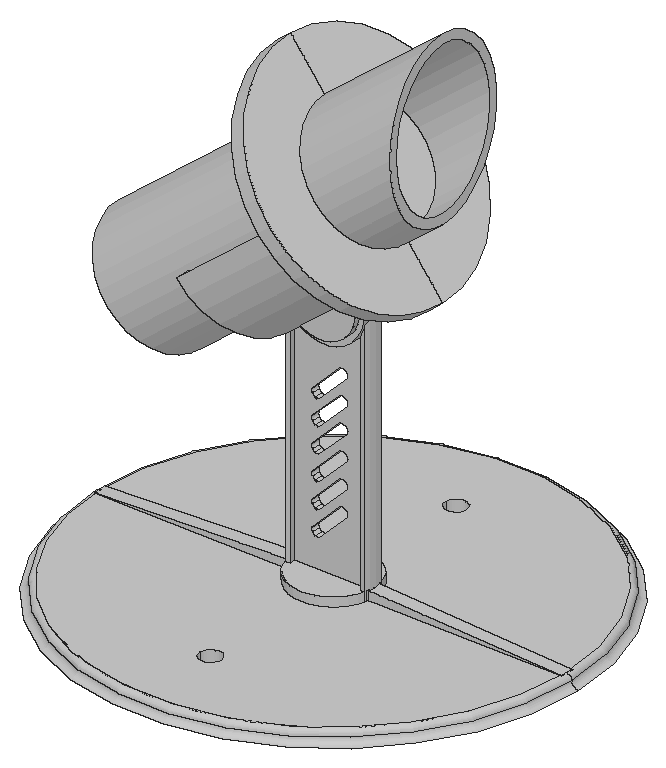
Revit family "SMALL UNDERWATER_LKPB0158WW.45", category Luminarias, Revit 2019
Family settings
  Cota de conector redondo = Diámetro de uso
  Tipo de pieza = Normal
  Se basa en plano de trabajo = Sí
  Siempre vertical = No
  Corte con vacíos al cargar = No
  Origen de luz = Sí
  Compartido = No
  Punto de cálculo de habitación = No
Parameters (values of type "SUB_LKPB0158WW.45")
  Ángulo de inclinación = 60.00°
  Zone [instance] = ""
  Watt per fixture = 2.6
  Wattage = 2.6 W
  built-in parameter 1150107 = 3000 (stored number, unit not read)
  built-in parameter 1150110 = 1 (stored number, unit not read)
  built-in parameter 1150109 = 1 (stored number, unit not read)
  built-in parameter 1150112 = 1 (stored number, unit not read)
  built-in parameter 1150113 = 1 (stored number, unit not read)
  built-in parameter 1114218 = 1 (stored number, unit not read)
  Keynote = ""
  built-in parameter 1150142 = "IESNA:LM-63-1995\r\n[TEST] SMALL UNDERWATER\r\n[DATE] 2016/12/13\r\n[MANUFAC] BRILLANTE ILUMINACION\r\n[LUMCAT] SMALL UNDERWATER\r\n[LUMINAIRE] LKPB0158WW\r\n[LAMPCAT] SMALL UNDERWATER\r\n[LAMP] SMALL UNDERWATER 3000°K 45°\r\nTILT=NONE\r\n0 -1 1.0 19 9 1 2 0.000 0.000 0.000\r\n1 1 2.7\r\n0.0 5.0 10.0 15.0 20.0 25.0 30.0 35.0 40.0 45.0 50.0 55.0 60.0 65.0 70.0 75.0 80.0 85.0 90.0\r\n0.0 45.0 90.0 135.0 180.0 225.0 270.0 315.0 360.0 \r\n179.635 176.358 162.634 140.820 115.523 87.564 54.792 31.441 20.483 14.133 10.037 6.964 4.916 3.482 2.560 1.741 0.922 0.512 0.205\r\n180.966 174.105 158.947 135.494 108.969 75.275 40.146 24.887 16.694 11.778 8.296 5.735 3.994 2.970 2.151 1.331 0.614 0.307 0.205\r\n179.942 171.339 151.881 122.385 70.051 34.514 18.947 13.519 9.934 7.067 4.813 3.482 2.458 1.639 0.819 0.410 0.205 0.102 0.102\r\n181.069 176.972 155.875 113.168 47.930 18.742 11.368 9.217 6.759 4.506 3.277 2.458 1.331 0.410 0.102 0.102 0.102 0.102 0.102\r\n179.635 182.503 167.038 127.506 53.768 17.206 8.500 6.964 5.018 3.585 2.765 2.151 0.717 0.102 0.102 0.000 0.102 0.102 0.102\r\n180.966 183.834 169.291 140.001 68.208 27.754 13.928 11.061 7.783 4.609 3.277 2.560 1.536 0.512 0.102 0.102 0.102 0.102 0.102\r\n179.942 183.219 173.695 150.549 119.518 67.491 35.026 18.435 12.904 9.217 6.350 4.301 3.175 2.253 1.229 0.614 0.307 0.102 0.102\r\n181.069 181.581 171.442 148.501 122.897 93.504 54.382 31.441 19.766 13.826 9.627 6.657 4.609 3.277 2.356 1.536 0.819 0.410 0.205\r\n179.635 176.358 162.634 140.820 115.523 87.564 54.792 31.441 20.483 14.133 10.037 6.964 4.916 3.482 2.560 1.741 0.922 0.512 0.205\r\n"
  built-in parameter 1150137 = (empty or 0)
  built-in parameter 1150132 = (empty or 0)
  Modelo = "LKPB0158WW.45"
  Lámpara = "OSRAM"
  Longitud [instance] = 1000 mm
  built-in parameter 1150105 = 12 (stored number, unit not read)
  built-in parameter 1150102 = (empty or 0)
  built-in parameter 1150106 = 0.12 (stored number, unit not read)
  Lumens = 150.8 lm
  Color Filter = 16777215
  built-in parameter 1114217 = 1 (stored number, unit not read)
  built-in parameter 1150139 = (empty or 0)
  Fabricante = "BRILLANT"
  Default Elevation = 0 mm
  built-in parameter 1150104 = 5.3884 (stored number, unit not read)
  Descripción = "LUMINARIA SUB ACUATICA TIPO PUNTUAL, ACABADO EN ACERO INOXIDABLE, CUPERO MOLDEADO EN CROMO, SELLO DE SILICON, VIDRIO TEMPLADO DE 7MM, 1 LED TIPO OSRAM CON UN CONSUMO TOTAL DE 2.6W, 139 LUMENES CON  UNA TEMPERATURA EN BLANCO CALIDO 3000K, IP 68, IK 06, SUMERGIBLE MAXIMO 2M, CABLE H07RN DE 3M, APERTURA A 45 GRADOS, ALIMENTADA A 24V. REQUIERE ACCESORIOS."
  built-in parameter 1150115 = 1 (stored number, unit not read)
  built-in parameter 1150114 = 1 (stored number, unit not read)
  Comentarios de vataje = "24V"
  built-in parameter 1150138 = (empty or 0)
  built-in parameter 1150134 = (empty or 0)
  Circuit [instance] = ""
  Dimming Lamp Color Temperature Shift = (empty or 0)
  Archivo de red fotométrica = "SMALL UNDERWATER_LKPB0158WW 45°.IES"
  built-in parameter 1150133 = 10 (stored number, unit not read)
Reference planes
  plane 1 "Centro (Frontal/Posterior)": y = 0
  plane 2: z = 0
  plane 3 "Centro (Izquierda/Derecha)": x = 0
  plane 4: z = 132
  plane 5: z = 3
  plane 6: x = -653.678
  plane 7: x = 600
  plane 8 "inclinado": through (-18.314, -1524, 86.57) normal (0.7771, 0, 0.6293)
Forms (mm)
  Revolve 1, solid, material "Acero Inoxidable"
    sketch origin (0, 0, 0) x (1, 0, 0) y (0, 0, 1)
      loop
        arc (60, 0) -> (58.861, 0.472) -> (58.389, 1.611) r 1.611
        arc (58.389, 1.611) -> (57.982, 2.593) -> (57, 3) r 1.389
        line (57, 3) -> (0, 3) -> (0, 0) -> (60, 0)
      axis (0, 3) -> (0, 0)
    angle from 0 to 360
  Extrusion 2, solid, material "Acero Inoxidable"
    sketch origin (0, 0, 0) x (1, 0, 0) y (0, 1, 0)
      loop
        circle (0, 0) r 10
    from 3 to 5.134
  Extrusion 3, solid, material "Acero Inoxidable"
    sketch origin (0, 0, 0) x (1, 0, 0) y (0, 0, 1)
      loop
        line (-10, 5.134) -> (-57.216, 3) -> (-10, 3) -> (-10, 5.134)
      loop
        line (10, 5.134) -> (10, 3) -> (57.216, 3) -> (10, 5.134)
    from -1.668 to 1.605
  Extrusion 4, void
    sketch origin (0, 0, 0) x (1, 0, 0) y (0, 1, 0)
      loop
        circle (0, 37.605) r 2.589
      loop
        circle (0, -37.605) r 2.589
    from 0 to 3
  Extrusion 5, solid, material "Acero Inoxidable"
    sketch origin (0, 0, 0) x (1, 0, 0) y (0, 1, 0)
      loop
        arc (-9.664, 2.571) -> (-10, 0) -> (-9.664, -2.571) r 10
        line (-9.664, -2.571) -> (-8.527, -2.387)
        arc (-8.527, -2.387) -> (-8.69, -1.699) -> (-8.798, -1) r 8.855
        line (-8.798, -1) -> (8.798, -1)
        arc (8.798, -1) -> (8.69, -1.699) -> (8.527, -2.387) r 8.855
        line (8.527, -2.387) -> (9.664, -2.571)
        arc (9.664, -2.571) -> (10, 0) -> (9.664, 2.571) r 10
        line (9.664, 2.571) -> (8.527, 2.387)
        arc (8.527, 2.387) -> (8.69, 1.699) -> (8.798, 1) r 8.855
        line (8.798, 1) -> (-8.798, 1)
        arc (-8.798, 1) -> (-8.69, 1.699) -> (-8.527, 2.387) r 8.855
        line (-8.527, 2.387) -> (-9.664, 2.571)
    from 3 to 66.238
  Extrusion 6, void
    sketch origin (0, 0, 0) x (1, 0, 0) y (0, 0, 1)
      loop
        arc (-4.236, 44.448) -> (-4.479, 43.861) -> (-4.236, 43.274) r 0.831
        line (-4.236, 43.274) -> (-3.616, 42.653)
        arc (-3.616, 42.653) -> (-3.028, 42.41) -> (-2.441, 42.653) r 0.831
        line (-2.441, 42.653) -> (4.236, 49.33)
        arc (4.236, 49.33) -> (4.479, 49.917) -> (4.236, 50.505) r 0.831
        line (4.236, 50.505) -> (3.616, 51.125)
        arc (3.616, 51.125) -> (3.028, 51.368) -> (2.441, 51.125) r 0.831
        line (2.441, 51.125) -> (-4.236, 44.448)
      loop
        arc (-4.236, 38.355) -> (-4.479, 37.768) -> (-4.236, 37.18) r 0.831
        line (-4.236, 37.18) -> (-3.616, 36.56)
        arc (-3.616, 36.56) -> (-3.028, 36.317) -> (-2.441, 36.56) r 0.831
        line (-2.441, 36.56) -> (4.236, 43.237)
        arc (4.236, 43.237) -> (4.479, 43.824) -> (4.236, 44.411) r 0.831
        line (4.236, 44.411) -> (3.616, 45.032)
        arc (3.616, 45.032) -> (3.028, 45.275) -> (2.441, 45.032) r 0.831
        line (2.441, 45.032) -> (-4.236, 38.355)
      loop
        arc (-4.236, 32.262) -> (-4.479, 31.674) -> (-4.236, 31.087) r 0.831
        line (-4.236, 31.087) -> (-3.616, 30.467)
        arc (-3.616, 30.467) -> (-3.028, 30.223) -> (-2.441, 30.467) r 0.831
        line (-2.441, 30.467) -> (4.236, 37.143)
        arc (4.236, 37.143) -> (4.479, 37.731) -> (4.236, 38.318) r 0.831
        line (4.236, 38.318) -> (3.616, 38.939)
        arc (3.616, 38.939) -> (3.028, 39.182) -> (2.441, 38.939) r 0.831
        line (2.441, 38.939) -> (-4.236, 32.262)
      loop
        arc (-4.236, 26.169) -> (-4.479, 25.581) -> (-4.236, 24.994) r 0.831
        line (-4.236, 24.994) -> (-3.616, 24.373)
        arc (-3.616, 24.373) -> (-3.028, 24.13) -> (-2.441, 24.373) r 0.831
        line (-2.441, 24.373) -> (4.236, 31.05)
        arc (4.236, 31.05) -> (4.479, 31.637) -> (4.236, 32.225) r 0.831
        line (4.236, 32.225) -> (3.616, 32.845)
        arc (3.616, 32.845) -> (3.028, 33.089) -> (2.441, 32.845) r 0.831
        line (2.441, 32.845) -> (-4.236, 26.169)
      loop
        arc (-4.236, 20.075) -> (-4.479, 19.488) -> (-4.236, 18.9) r 0.831
        line (-4.236, 18.9) -> (-3.616, 18.28)
        arc (-3.616, 18.28) -> (-3.028, 18.037) -> (-2.441, 18.28) r 0.831
        line (-2.441, 18.28) -> (4.236, 24.957)
        arc (4.236, 24.957) -> (4.479, 25.544) -> (4.236, 26.132) r 0.831
        line (4.236, 26.132) -> (3.616, 26.752)
        arc (3.616, 26.752) -> (3.028, 26.995) -> (2.441, 26.752) r 0.831
        line (2.441, 26.752) -> (-4.236, 20.075)
      loop
        arc (-4.236, 13.982) -> (-4.479, 13.395) -> (-4.236, 12.807) r 0.831
        line (-4.236, 12.807) -> (-3.616, 12.187)
        arc (-3.616, 12.187) -> (-3.028, 11.944) -> (-2.441, 12.187) r 0.831
        line (-2.441, 12.187) -> (4.236, 18.864)
        arc (4.236, 18.864) -> (4.479, 19.451) -> (4.236, 20.038) r 0.831
        line (4.236, 20.038) -> (3.616, 20.659)
        arc (3.616, 20.659) -> (3.028, 20.902) -> (2.441, 20.659) r 0.831
        line (2.441, 20.659) -> (-4.236, 13.982)
    from -1 to 1
  Extrusion 7, solid, material "Acero Inoxidable"
    sketch origin (0, 0, 0) x (1, 0, 0) y (0, 0, 1)
      loop
        circle (0, 66.238) r 10
    from -2.669 to 2.776
  Extrusion 8, solid, material "Acero Inoxidable"
    sketch origin (0, 0, 0) x (1, 0, 0) y (0, 0, 1)
      loop
        circle (0, 66.238) r 8.527
    from -3.879 to 3.918
  Extrusion 9, solid, material "Acero Inoxidable"
    sketch origin (38.907, 0, 12.732) x (0.809017, 0, 0.587785) y (-0.587785, 0, 0.809017)
      loop
        line (-8.527, 67.314) -> (-8.527, 65.161) -> (8.251, 65.161) -> (8.251, 67.314) -> (-8.527, 67.314)
    from -6.819 to 6.783
  Extrusion 10, solid, material "Acero Inoxidable"
    sketch origin (35.015, 0, 20.714) x (-0.62932, 0, 0.777146) y (0, -1, 0)
      loop
        line (74.745, 16.141) -> (74.745, 20.141)
        arc (74.745, 20.141) -> (54.604, 0) -> (74.745, -20.141) r 20.141
        line (74.745, -20.141) -> (74.745, -16.141)
        arc (74.745, -16.141) -> (58.604, 0) -> (74.745, 16.141) r 16.141
    from -13.208 to 23.085
  Revolve 11, solid, material "Acero Inoxidable"
    sketch origin (-79.16, 0, 96.158) x (0, 0, -1) y (1, 0, 0)
      loop
        line (40.545, 36.817) -> (53.223, 47.084) -> (23.006, 84.399)
        arc (23.006, 84.399) -> (21.888, 84.469) -> (21.99, 85.585) r 0.781
        line (21.99, 85.585) -> (21.482, 86.212)
        arc (21.482, 86.212) -> (20.383, 86.328) -> (20.499, 87.426) r 0.781
        line (20.499, 87.426) -> (19.99, 88.054)
        arc (19.99, 88.054) -> (18.878, 88.186) -> (19.042, 89.294) r 0.781
        line (19.042, 89.294) -> (14.683, 94.676) -> (25.101, 103.113) -> (22.713, 106.062) -> (12.295, 97.626) -> (-11.117, 126.537) -> (-12.562, 125.367) -> (9.217, 98.473) -> (-2.016, 89.376) -> (40.545, 36.817)
      axis (-23.795, 116.271) -> (40.545, 36.817)
    angle from 0 to 360
  Extrusion 12, void
    sketch origin (27.372, 0, 30.152) x (-0.62932, 0, 0.777146) y (0, -1, 0)
      loop
        circle (63.579, 0.01) r 16.073
      loop
        circle (63.579, 0.01) r 15.534
    from -43.944 to -35.873
  Extrusion 13, void
    sketch origin (0, 0, 0) x (1, 0, 0) y (0, 0, 1)
      loop
        line (26.844, 132.631) -> (26.844, 87.631) -> (51.844, 87.631) -> (51.844, 132.631) -> (26.844, 132.631)
    from -20.591 to 22.166
  Extrusion 14, solid, material "Acero Inoxidable"
    sketch origin (11.387, 0, 49.892) x (-0.62932, 0, 0.777146) y (0, -1, 0)
      loop
        line (37.201, -5) -> (41.531, -2.5) -> (41.531, 2.5) -> (37.201, 5) -> (32.871, 2.5) -> (32.871, -2.5) -> (37.201, -5)
    from -41.395 to -38.156
  Extrusion 15, solid, material "Plastico"
    sketch origin (11.387, 0, 49.892) x (-0.62932, 0, 0.777146) y (0, -1, 0)
      loop
        circle (37.201, 0) r 2.706
    from -48.927 to -41.395
Cuts and joins
  Extrusion 4 cuts Revolve 1
  Extrusion 6 cuts Extrusion 5
  Extrusion 12, Extrusion 13 cuts Revolve 11
  Extrusion 12 cuts Extrusion 7
  Extrusion 12 cuts Extrusion 10
Dimensions and locks
  plane 4 to plane 2 = 132 mm
  plane 4 to level = 132 mm
  plane 5 to level = 3 mm
  Revolve 11 sketch curve to Revolve 11 sketch curve = 16.314 mm
  Revolve 11 sketch curve to Revolve 11 sketch curve = 102.238 mm
  cut or joined group of Revolve 11, Extrusion 12, Extrusion 13 to cut or joined group of Revolve 11, Extrusion 12, Extrusion 13 = 102.238 mm
  Revolve 11 sketch curve to Revolve 11 sketch curve = 29.719 mm
  Extrusion 10 sketch curve to Extrusion 10 sketch curve = 4 mm
  aligned and locked: level to plane 2
  aligned and locked: Extrusion 5 to Extrusion 6  (x2)
Connectors
  electrical at (-50.047, 0, 48.012)
    settings: on Extrusion 15, index 1, voltage 24 V, apparent load 0 VA, apparent load phase1 0 VA, apparent load phase2 0 VA, apparent load phase3 0 VA, power factor 1, load classification "Otro", number of poles 1, system type 31, power factor state 1, is connector primary yes, connector utility no, sub classification motor no, connector description ""
